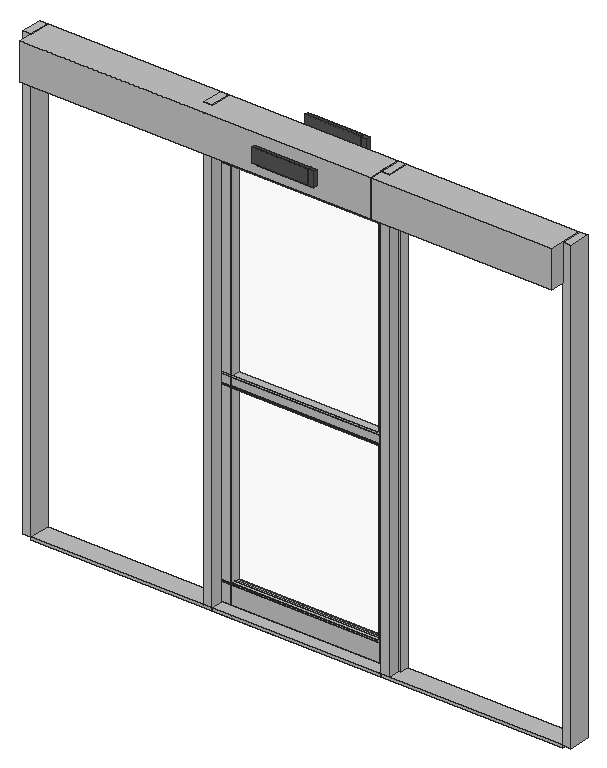
Revit family "Auto-Door_Sliding_Single_Wall_Tormax_TX9300FM", category Doors, host Wall, Revit 2026
Family settings
  Host = Wall
  Classification Number = 23.30.10.17.11
  Always vertical = Yes
  Cut with Voids When Loaded = No
  Shared = No
  Room Calculation Point = No
Parameters (values of type "HD Utility Package with Panel by Others OX")
  headerdepth = if(HD Drive, 0' 7 3/8", 0' 6")  # 0' - 7 3/8"
  Water Penetration = "as Specified"
  Warranty Duration (Years) = 0
  Wall Thickness for Sensor Placement [instance] = 0' - 6"
  VLT [instance] = 0
  URL = "http://www.tormaxusa.com"
  U-Factor [instance] = 0
  Thickness = Panel Thickness  # 0' - 1 3/4"
  Test Data = ""
  Structural Test Pressure = "N/A"
  Standards Conformance = "ANSI A156.10  ;  NFPA 101  ;  UL325  ;  C-UL"
  Specification = "http://www.arcat.com/sdspecs/htm/08463tor.htm"
  SpecWizard = ""
  Sensor Color [instance] = Metal - Tormax - Black
  Send Message = "http://www.arcat.com/users.pl?action=UserEmail&company=Tormax+Technologies,+Inc.&coid=43969&rep=108&fax=210-494-5930&mf="
  Sales Information = "http://www.tormaxusa.com/contact.php"
  SHGC [instance] = 0
  Rough Width [instance] = Opening Width  # 3' - 0"
  Rough Height [instance] = Opening Height  # 7' - 4 1/8"
  Product Page URL = ""
  Panel Width [instance] = Opening Width + 0' 2 5/8"  # 3' - 2 5/8"
  Operating Temperature Range = "Ambient -30F to 130F"
  Opening Width [instance] = 3' - 0"
  Opening Height [instance] = 7' - 4 1/8"
  OX = yes
  Product Properties = ""
  Product Data = "http://www.arcat.com/arcatcos/cos43/arc43969.html"
  Panel Thickness = 0' - 1 3/4"  # constant formula
  Model = "TX9300HDFM Utility as Specified"
  Miami Dade Conformance = "Does Not Apply"
  Max Width = 0' - 0"
  Max Height = 0' - 0"
  Manufacturer Website = "http://www.tormaxusa.com"
  Manufacturer Phone - Toll Free = "888-685-3707"
  Manufacturer Phone = "210-494-3551"
  Manufacturer Fax = "210-494-5930"
  Manufacturer Address = "12859 Wetmore Rd. San Antonio, TX 78247"
  Manufacturer = "TORMAX USA Inc."
  Maintenance Schedule (Months) = 0
  XO = not(OX)  # no
  Keynote = "08463"
  Installation-Fabrication = ""
  Installation Phase = ""
  Height [instance] = Opening Height + 0' 7 7/8"  # 8' - 0"
  HD Drive = yes
  Green Building-LEED = "http://www.arcat.com/green/clients/leed_data_43969.html"
  Glazing Tint [instance] = Glass - Tormax - Glazing as Specified
  Glazing Thickness_Sliding Panel [instance] = 0' - 0 1/2"
  Glazing Stop Width = 0' - 0 1/4"  # constant formula
  Function = Exterior
  Frame Thickness = 0' - 4 1/2"
  Frame Finish [instance] = Metal - Tormax - Aluminum Finished as Specified
  Fixed Panel Finish [instance] = Metal - Tormax - Aluminum Finished as Specified
  Fire Rating = "as Specified"
  Expected Lifespan (Years) = 0
  Egress Width [instance] = Clear Door Opening Width  # 2' - 8 3/8"
  Drawn By = "Sumex Design, Inc. / Robert S. Weygant, CSI, CDT, SCIP"
  Door Threshold [instance] = 9300SSSMFM : Recessed Threshold
  Door Stile_Operable Leaf_Wide [instance] = not(Door Stile_Operable Leaf_Narrow)  # no
  Door Stile_Operable Leaf_Narrow [instance] = yes
  Door Stile Width_Operable Leaf [instance] = if(Door Stile_Operable Leaf_Narrow, 0' 2 1/8", 0' 5 1/2")  # 0' - 2 1/8"
  Door Bottom Rail_Tall [instance] = not(Door Bottom Rail_Standard)  # no
  Door Bottom Rail_Standard [instance] = yes
  Door Bottom Rail Height [instance] = if(Door Bottom Rail_Standard, 0' 4", 0' 10")  # 0' - 4"
  Description = "Tormax HD Automatic Sliding Door Frame System - TX9300HDFM Utility as Specified with Panel by Others"
  Wall Closure = By host
  Width [instance] = Opening Width + Panel Width + 0' 3 1/2"  # 6' - 6 1/8"
  Define Thermal Properties by = Schematic Type
  Copyright = "©Arcat Inc."
  Construction Details = "http://www.arcat.com/details/tormax/tormax.html?coid=43969"
  Clear Door Opening Width [instance] = Opening Width - 0' 3 5/8"  # 2' - 8 3/8"
  Clear Door Opening Height [instance] = 6' - 11 5/8"
  CAD Details = ""
  Available Options = "As Noted"
  Assembly Code = "B2030110"
  Analytic Construction = "<None>"
  Air Infiltration = "N/A"
Types (4): name | headerdepth | OX | Model | XO | HD Drive | Description
  HD Utility Package with Panel by Others OX | 0' - 7 3/8" | yes | "TX9300HDFM Utility as Specified" | no | yes | "Tormax HD Automatic Sliding Door Frame System - TX9300HDFM Utility as Specified with Panel by Others"
  HD Utility Package with Panel by Others XO | 0' - 7 3/8" | no | "TX9300HDFM Utility as Specified" | yes | yes | "Tormax HD Automatic Sliding Door Frame System - TX9300HDFM Utility as Specified with Panel by Others"
  Utility Package with Panel by Others OX | 0' - 6" | yes | "TX9300FM Utility as Specified" | no | no | "Tormax Automatic Sliding Door Frame System - TX9300FM Utility as Specified with Panel by Others"
  Utility Package with Panel by Others XO | 0' - 6" | no | "TX9300FM Utility as Specified" | yes | no | "Tormax Automatic Sliding Door Frame System - TX9300FM Utility as Specified with Panel by Others"
Reference planes (in)
  plane 1 "Center (Front/Back)": y = 1.6426
  plane 2: z = 0
  plane 3 "Center (Left/Right)": x = -0.5
  plane 4 "Left": x = -18.5
  plane 5 "Right": x = 17.5
  plane 6 "Bottom": z = 0
  plane 7 "Top": z = 88.125
  plane 8: y = -1.3574
  plane 9: y = 4.6426
  plane 10 "Door Frame Exterior": y = -1.3574
  plane 11 "Door Frame Interior": y = -5.8574
  plane 12 "Door Frame CL": y = -3.6074
Lines and regions (in)
  Opening 1
    outline origin (-60, -1.3574, 0) x (1, 0, 0) y (0, 0, 1)
      loop
        line (41.5, 88.125) -> (41.5, 0) -> (77.5, 0) -> (77.5, 88.125) -> (41.5, 88.125)
Text (in)
  text "EXTERIOR" at (-58.6888, 13.80127, 0), in view "Plan View"
  text "INTERIOR" at (-58.6888, -8.43329, 0), in view "Plan View"
  text "Exterior" at (0, 43.65631, 123.19604), in view "Left"
  text "Exterior" at (0, 18.29385, 125.04747), in view "Right"
Dimensions and locks (in)
  equal spacing: plane 4 "Left", plane 3 "Center (Left/Right)", plane 5 "Right"
  "Frame Thickness": plane 11 "Door Frame Interior" to plane 10 "Door Frame Exterior"
  "Opening Width": plane 4 "Left" to plane 5 "Right"
  "Opening Height": plane 7 "Top" to level
  equal spacing: plane 11 "Door Frame Interior", plane 12 "Door Frame CL", plane 10 "Door Frame Exterior"
  locked: plane 8 to plane 10 "Door Frame Exterior" at 0
  aligned and locked: plane 7 "Top" to Opening 1 sketch curve
  aligned and locked: plane 5 "Right" to Opening 1 sketch curve
  aligned and locked: plane 4 "Left" to Opening 1 sketch curve
  aligned and locked: level to plane 2
  aligned and locked: Opening 1 sketch curve to plane 2
  aligned and locked: plane 6 "Bottom" to plane 2
  aligned and locked: plane 1 "Center (Front/Back)" to host wall
  aligned and locked: plane 8 to host wall
  aligned and locked: plane 9 to host wall
  aligned and locked: plane 4 "Left" to nested 2
  aligned and locked: plane 5 "Right" to nested 1
  aligned and locked: plane 6 "Bottom" to nested 2
  aligned and locked: nested 1 to plane 6 "Bottom"
Nested families (in)
  nested 1: "9300SSSMFM" at (-19.8125, -3.6074, 66) x (-1, 0, 0) z (0, 1, 0), transom glazing <- "Glazing Tint", sliding panel glazing <- "Glazing Tint", frame finish <- "Frame Finish", fixed panel glazing <- "Fixed Panel Finish", doodad finish <- "Sensor Color", stile width_operable <- "Door Stile Width_Operable Leaf", sliding glazing thickness <- "Glazing Thickness_Sliding Panel", header depth <- "headerdepth", glazing stop width <- "Glazing Stop Width", bottom rail height <- "Door Bottom Rail Height", Wall Thickness for Sensor Placement <- "Wall Thickness for Sensor Placement", Unit Width <- "Width", Unit Height <- "Height", type <- "Door Threshold", type "Recessed Threshold"
    with transom height 0' - 0", transom glazing Glass - Tormax - Glazing as Specified, transom glass thickness 0' - 0 1/2", stile width_operable 0' - 2 1/8", stile width_fixed 0' - 2 1/8", sliding panel glazing Glass - Tormax - Glazing as Specified, sliding glazing thickness 0' - 0 1/2", panelheightb 7' - 4 1/8", panelheighta 7' - 3 13/16", panel width 3' - 2 1/2", panel thickness 0' - 1 3/4", locatepanelfromright 0' - 0", locatepanelfromleft 0' - 0", include transom no, header depth 0' - 7 3/8", glazing stop width 0' - 0 1/4", frame finish Metal - Tormax - Aluminum Finished as Specified, fixed panel glazing Metal - Tormax - Aluminum Finished as Specified, fixed glazing thickness 0' - 1 3/4", doodad finish Metal - Tormax - Black, center rail width 0' - 1 3/4", breakout angle 45.00°, breakout no, bottom rail height 0' - 4", air space 0' - 0 5/16", accesscontrol no, Wall Thickness for Sensor Placement 0' - 6", Unit Width 6' - 6 1/8", Unit Height 8' - 0"
  nested 2: "9300SSSMFM" at (18.8125, -3.6074, 66) x (1, 0, 0) z (0, 1, 0), transom glazing <- "Glazing Tint", sliding panel glazing <- "Glazing Tint", frame finish <- "Frame Finish", fixed panel glazing <- "Fixed Panel Finish", doodad finish <- "Sensor Color", stile width_operable <- "Door Stile Width_Operable Leaf", sliding glazing thickness <- "Glazing Thickness_Sliding Panel", header depth <- "headerdepth", glazing stop width <- "Glazing Stop Width", bottom rail height <- "Door Bottom Rail Height", Wall Thickness for Sensor Placement <- "Wall Thickness for Sensor Placement", Unit Width <- "Width", Unit Height <- "Height", type <- "Door Threshold", type "Recessed Threshold"
    with transom height 0' - 0", transom glazing Glass - Tormax - Glazing as Specified, transom glass thickness 0' - 0 1/2", stile width_operable 0' - 2 1/8", stile width_fixed 0' - 2 1/8", sliding panel glazing Glass - Tormax - Glazing as Specified, sliding glazing thickness 0' - 0 1/2", panelheightb 7' - 4 1/8", panelheighta 7' - 3 13/16", panel width 3' - 2 1/2", panel thickness 0' - 1 3/4", locatepanelfromright 0' - 0", locatepanelfromleft 0' - 0", include transom no, header depth 0' - 7 3/8", glazing stop width 0' - 0 1/4", frame finish Metal - Tormax - Aluminum Finished as Specified, fixed panel glazing Metal - Tormax - Aluminum Finished as Specified, fixed glazing thickness 0' - 1 3/4", doodad finish Metal - Tormax - Black, center rail width 0' - 1 3/4", breakout angle 45.00°, breakout no, bottom rail height 0' - 4", air space 0' - 0 5/16", accesscontrol no, Wall Thickness for Sensor Placement 0' - 6", Unit Width 6' - 6 1/8", Unit Height 8' - 0"
Definition of nested family "9300SSSMFM"
  Parameters (values of type "No Threshold")
    transom height [instance] = 3' - 4 3/16"
    transom glazing [instance] = none
    transom glass thickness [instance] = 0' - 1"
    surface threshold = no
    stile width_operable [instance] = 0' - 2 1/8"
    panelheightb [instance] = Unit Height - transom height - 0' 7 7/8" - (air space - 0' 0 5/16")  # 6' - 11 15/16"
    panelheighta [instance] = Unit Height - transom height - 0' 7 7/8" - air space  # 6' - 11 5/8"
    stile width_fixed [instance] = 0' - 2 1/8"
    sliding panel glazing [instance] = none
    panel width [instance] = (Unit Width - (0' 1 3/4" * 2) + (stile width_fixed + glazing stop width)) / 2  # 3' - 5 7/16"
    panel thickness [instance] = 0' - 1 3/4"
    locatepanelfromright [instance] = 0' - 0"  # constant formula
    locatepanelfromleft [instance] = 0' - 0"  # constant formula
    include transom [instance] = yes
    sliding glazing thickness [instance] = 0' - 0 1/2"
    header depth [instance] = 0' - 8"
    glazing stop width [instance] = 0' - 0 1/4"
    frame finish [instance] = none
    fixed panel glazing [instance] = none
    fixed glazing thickness [instance] = 0' - 1 3/4"
    doodad finish [instance] = none
    center rail width [instance] = if(accesscontrol, 0' 4 1/2", 0' 1 3/4")  # 0' - 4 1/2"
    breakout angle [instance] = 45.00°
    breakout [instance] = yes
    bottom rail height [instance] = 0' - 4"
    air space [instance] = if(surface threshold, 0' 0 13/16", 0' 0 5/16")  # 0' - 0 5/16"
    accesscontrol [instance] = yes
    Warranty Duration (Years) = 0
    Wall Thickness for Sensor Placement [instance] = 0' - 4 5/8"
    Unit Width [instance] = 7' - 0"
    Unit Height [instance] = 11' - 0"
    Unit Depth = 2' - 8"
    URL = ""
    Threshold_recessed = no
    Threshold_double bevel = no
    Threshold_bevel interior = no
    Threshold_bevel exterior = no
    Specification = ""
    SpecWizard = ""
    Send Message = ""
    Sales Information = ""
    Revision = "R1_01-2014"
    Product Properties = ""
    Product Data = ""
    Model = "As Specified"
    Manufacturer Website = ""
    Manufacturer Phone - Toll Free = ""
    Manufacturer Phone = ""
    Manufacturer Fax = ""
    Manufacturer Address = ""
    Manufacturer = ""
    Maintenance Schedule (Months) = 0
    Keynote = ""
    Installation-Fabrication = ""
    Installation Phase = ""
    Green Building-LEED = ""
    Expected Lifespan (Years) = 0
    Drawn By = "Sumex Design, Inc. / Robert S. Weygant, CSI, CDT, SCIP"
    Description = ""
    Define Thermal Properties by = 1
    Default Elevation = 0' - 0"
    Copyright = "©Arcat Inc."
    Construction Details = ""
    Assembly Code = ""
    Analytic Construction = "<None>"
  Types (5): name | surface threshold | panelheightb | panelheighta | fixed glazing thickness | air space | Threshold_recessed | Threshold_double bevel | Threshold_bevel interior | Threshold_bevel exterior
    No Threshold | no | 6' - 11 15/16" | 6' - 11 5/8" | 0' - 1 3/4" | 0' - 0 5/16" | no | no | no | no
    Recessed Threshold | no | 6' - 11 15/16" | 6' - 11 5/8" | 0' - 0 1/4" | 0' - 0 5/16" | yes | no | no | no
    Bevel to Exterior Threshold | yes | 6' - 11 7/16" | 6' - 11 1/8" | 0' - 0 1/4" | 0' - 0 13/16" | no | no | no | yes
    Bevel to Interior Threshold | yes | 6' - 11 7/16" | 6' - 11 1/8" | 0' - 0 1/4" | 0' - 0 13/16" | no | no | yes | no
    Double Bevel Threshold | yes | 6' - 11 7/16" | 6' - 11 1/8" | 0' - 0 1/4" | 0' - 0 13/16" | no | yes | no | no
  Reference planes (in)
    plane 1 "Center (Front/Back)": y = 0
    plane 2 "Bottom": z = 0
    plane 3 "Center (Left/Right)": x = 0
    plane 4 "FF": y = -66
    plane 5 "Top": y = 66
    plane 6 "Left": x = -42
    plane 7 "Right": x = 42
    plane 8: y = 25.8125
    plane 9: z = 0.5
    plane 10: z = -0.5
    plane 11: x = -40.25
    plane 12: x = 40.25
    plane 13: y = -65.6875
    plane 14: y = 17.9375
    plane 15: y = -66
    plane 16: z = -2.25
    plane 17: z = 2.25
    plane 18: z = -2.25
    plane 19: z = 1.75
    plane 20: z = -5.75
    plane 21: x = -20.125
  Forms (in)
    Extrusion 1, solid, material <- "frame finish"
      sketch origin (0, 0, 0) x (1, 0, 0) y (0, 0, 1)
        loop
          line (-42, -2.25) -> (-40.25, -2.25) -> (-40.25, 2.25) -> (-42, 2.25) -> (-42, -2.25)
        loop
          line (40.25, -2.25) -> (42, -2.25) -> (42, 2.25) -> (40.25, 2.25) -> (40.25, -2.25)
      from -66 to 66
    Extrusion 2, solid, material <- "frame finish", visible <- "include transom"
      sketch origin (0, 0, 0) x (0, 1, 0) y (0, 0, 1)
        loop
          line (66, 2.25) -> (64.1875, 2.25) -> (64.1875, -2.25) -> (66, -2.25) -> (66, 2.25)
      from -40.25 to 40.25
    Extrusion 3, solid, material <- "frame finish"
      sketch origin (0, 0, 0) x (0, 1, 0) y (0, 0, 1)
        loop
          line (25.8125, -5.75) -> (25.8125, 2.25) -> (17.9375, 2.25) -> (17.9375, -5.75) -> (25.8125, -5.75)
      from -40.25 to 40.25
    Extrusion 4, solid, material <- "transom glazing", visible <- "include transom"
      sketch origin (0, 0, 0) x (0, 1, 0) y (0, 0, 1)
        loop
          line (25.8125, -0.5) -> (64.1875, -0.5) -> (64.1875, 0.5) -> (25.8125, 0.5) -> (25.8125, -0.5)
      from -40.25 to 40.25
    Sweep 5, solid, material <- "frame finish", visible <- "include transom"
      path origin (0, 0, 0) x (1, 0, 0) y (0, 1, 0)
        loop
          line (-40.25, 64.1875) -> (-40.25, 25.8125) -> (40.25, 25.8125) -> (40.25, 64.1875) -> (-40.25, 64.1875)
      profile origin (0, 64.1875, 0) x (0, 1, 0) y (0, 0, 1)
        loop
          line (0, 0.5) -> (0, 0.5625) -> (-0.75, 0.5625) -> (-0.75, 0.5) -> (0, 0.5)
        loop
          line (0, -0.5) -> (-0.75, -0.5) -> (-0.75, -0.75) -> (0, -0.75) -> (0, -0.5)
    Extrusion 6, solid, material <- "frame finish", visible <- "Threshold_recessed"
      sketch origin (0, 0, 0) x (0, 1, 0) y (0, 0, 1)
        loop
          line (-66, 2.25) -> (-66.5, 2.25) -> (-66.5, -2.25) -> (-66, -2.25) -> (-66, 2.25)
      from -40.25 to 40.25
    Extrusion 7, solid, material <- "frame finish", visible <- "Threshold_bevel exterior"
      sketch origin (0, 0, 0) x (0, 1, 0) y (0, 0, 1)
        loop
          line (-66, -2.25) -> (-65.5, -2.25) -> (-65.5, 2.25) -> (-66, 4.25) -> (-66, -2.25)
      from -40.25 to 40.25
    Extrusion 8, solid, material <- "frame finish", visible <- "Threshold_bevel interior"
      sketch origin (0, 0, 0) x (0, 1, 0) y (0, 0, 1)
        loop
          line (-65.5, -2.25) -> (-65.5, 2.25) -> (-66, 2.25) -> (-66, -4.25) -> (-65.5, -2.25)
      from -40.25 to 40.25
    Extrusion 9, solid, material <- "frame finish", visible <- "Threshold_double bevel"
      sketch origin (0, 0, 0) x (0, 1, 0) y (0, 0, 1)
        loop
          line (-66, 4.25) -> (-66, -4.25) -> (-65.5, -2.25) -> (-65.5, 2.25) -> (-66, 4.25)
      from -40.25 to 40.25
    Extrusion 10, solid, material <- "doodad finish"
      sketch origin (-20.125, 32.8125, 48) x (0, 1, 0) y (0, 0, 1)
        loop
          line (-9.375, -41.125) -> (-9.375, -40.375) -> (-12.5, -40.375) -> (-12.5, -41.125) -> (-9.375, -41.125)
        loop
          line (-9.375, -54.5) -> (-9.375, -53.75) -> (-12.5, -53.75) -> (-12.5, -54.5) -> (-9.375, -54.5)
      from -6 to 6
  Dimensions and locks (in)
    equal spacing: plane 6 "Left", plane 3 "Center (Left/Right)", plane 7 "Right"
    "Unit Width": plane 6 "Left" to plane 7 "Right"
    equal spacing: plane 5 "Top", plane 1 "Center (Front/Back)", plane 4 "FF"
    "Unit Height": plane 5 "Top" to plane 4 "FF"
    "transom height": plane 5 "Top" to plane 8
    locked: Extrusion 2 sketch curve to plane 5 "Top" at 1.8125
    equal spacing: plane 10, level, plane 9
    "transom glass thickness": plane 10 to plane 9
    locked: Extrusion 4 sketch curve to plane 5 "Top" at 1.8125
    locked: plane 6 "Left" to Sweep 5 sketch curve at 1.75
    locked: Sweep 5 sketch curve to plane 7 "Right" at 1.75
    locked: plane 5 "Top" to Sweep 5 sketch curve at 1.8125
    locked: plane 9 to Sweep 5 sketch curve at 0.0625
    Sweep 5 sketch curve to Sweep 5 sketch curve to plane 5 "Top" = 0' - 0 3/4" locked, 0' - 1 13/16" locked  (x2)
    locked: Sweep 5 sketch curve to plane 10 at 0.25
    locked: plane 12 to plane 7 "Right" at 1.75
    locked: plane 6 "Left" to plane 11 at 1.75
    "air space": plane 13 to plane 4 "FF"
    Extrusion 1 sketch curve to level to Extrusion 1 sketch curve = 0' - 2 1/4" locked, 0' - 2 1/4" locked  (x2)
    Extrusion 6 sketch curve to level to Extrusion 6 sketch curve = 0' - 2 1/4" locked, 0' - 2 1/4" locked
    locked: Extrusion 6 sketch curve to plane 4 "FF" at 0.5
    Extrusion 7 sketch curve to level to Extrusion 7 sketch curve to Extrusion 7 sketch curve = 0' - 2 1/4" locked, 0' - 2 1/4" locked, 0' - 2" locked
    Extrusion 8 sketch curve to Extrusion 8 sketch curve to level to Extrusion 8 sketch curve = 0' - 2" locked, 0' - 2 1/4" locked, 0' - 2 1/4" locked
    Extrusion 9 sketch curve to Extrusion 9 sketch curve to level to Extrusion 9 sketch curve to Extrusion 9 sketch curve = 0' - 2" locked, 0' - 2 1/4" locked, 0' - 2 1/4" locked, 0' - 2" locked
    locked: plane 4 "FF" to Extrusion 9 sketch curve at 0.5
    locked: plane 4 "FF" to Extrusion 7 sketch curve at 0.5
    locked: plane 4 "FF" to Extrusion 8 sketch curve at 0.5
    locked: plane 14 to Extrusion 10 sketch curve at 2.375  (x2)
    locked: Extrusion 10 sketch curve to plane 8 at 2.375  (x2)
    locked: plane 13 to plane 15 at 0.3125
    locked: level to plane 16 at 2.25
    equal spacing: plane 17, level, plane 18
    locked: plane 17 to plane 18 at 4.5
    locked: plane 17 to plane 19 at 0.5
    "header depth": plane 20 to plane 17
    locked: plane 20 to Extrusion 10 sketch curve at 0.75
    "Wall Thickness for Sensor Placement": plane 17 to Extrusion 10 sketch curve
    locked: Extrusion 10 sketch curve to Extrusion 10 sketch curve at 0.75
    equal spacing: plane 11, plane 21, plane 3 "Center (Left/Right)"
    locked: plane 8 to plane 14 at 7.875
    aligned and locked: Extrusion 1 to plane 5 "Top"
    aligned and locked: Extrusion 1 to plane 4 "FF"
    aligned and locked: plane 5 "Top" to Extrusion 2 sketch curve
    aligned and locked: plane 8 to Extrusion 3 sketch curve
    aligned and locked: plane 8 to Extrusion 4 sketch curve
    aligned and locked: plane 8 to Sweep 5 sketch curve
    aligned and locked: plane 9 to Sweep 5 sketch curve
    aligned and locked: plane 10 to Sweep 5 sketch curve
    aligned and locked: plane 11 to Extrusion 1 sketch curve
    aligned and locked: plane 12 to Extrusion 1 sketch curve
    aligned and locked: Extrusion 1 sketch curve to plane 7 "Right"
    aligned and locked: plane 6 "Left" to Extrusion 1 sketch curve
    aligned and locked: Extrusion 2 to plane 11
    aligned and locked: Extrusion 4 to plane 11
    aligned and locked: plane 12 to Extrusion 4
    aligned and locked: plane 12 to Extrusion 2
    aligned and locked: plane 12 to Extrusion 3
    aligned and locked: Extrusion 3 to plane 11
    aligned and locked: plane 4 "FF" to Extrusion 6 sketch curve
    aligned and locked: Extrusion 9 sketch curve to plane 4 "FF"
    aligned and locked: plane 4 "FF" to Extrusion 7 sketch curve
    aligned and locked: plane 4 "FF" to Extrusion 8 sketch curve
    aligned and locked: nested 1 to plane 11
    aligned and locked: plane 13 to nested 1
    aligned and locked: plane 11 to Extrusion 9
    aligned and locked: plane 11 to Extrusion 8
    aligned and locked: plane 12 to Extrusion 9
    aligned and locked: plane 12 to Extrusion 6
    aligned and locked: plane 11 to Extrusion 6
    aligned and locked: plane 12 to Extrusion 8
    aligned and locked: plane 12 to Extrusion 7
    aligned and locked: plane 11 to Extrusion 7
    aligned and locked: plane 19 to nested 1
    aligned and locked: Extrusion 3 sketch curve to plane 20
    aligned and locked: Extrusion 3 sketch curve to plane 17
    aligned and locked: Extrusion 10 sketch curve to plane 20
    aligned and locked: plane 14 to Extrusion 3 sketch curve
  Automatic sketch dimensions
    Extrusion 2 sketch curve to level = 0' - 2 1/4"
    level to Extrusion 2 sketch curve = 0' - 2 1/4"
    plane 10 to Extrusion 4 sketch curve = 0' - 0"
    plane 9 to Extrusion 4 sketch curve = 0' - 0"
  Nested families (in)
    nested 1: "FramedPanel" at (-19.53125, -23.875, 0.875), stilewidth <- "stile width_operable", Width <- "panel width", breakout angle <- "breakout angle", frame finish <- "frame finish", fixed panel glazing <- "sliding panel glazing", glazing thickness <- "sliding glazing thickness", glassstopwidth <- "glazing stop width", bottomrailheight <- "bottom rail height", Height <- "panelheighta", doodad <- "doodad finish", centerrail <- "center rail width", type "FramedPanel"
      with stormimpact no, stilewidth 0' - 2 1/8", rightchannel no, partialbreakout no, nonimpact yes, leftchannel no, glazing thickness 0' - 0 1/2", glassstopwidth 0' - 0 1/4", frame finish none, fixed panel glazing none, doodad none, directionalarrowinterior yes, directionalarrowexterior no, centerrail 0' - 4 1/2", breakoutswing no, breakout angle 45.00°, bottomrailheightactual 0' - 4", bottomrailheight 0' - 4", airspaceunderdoor 0' - 0", built-in parameter 1001301 3' - 5 7/16", built-in parameter 1001300 6' - 11 5/8"
  Definition of nested family "FramedPanel"
    Parameters (values of type "FramedPanel")
      stormimpact [instance] = yes
      stilewidth [instance] = 0' - 2 3/16"
      rightchannel [instance] = yes
      partialbreakout [instance] = yes
      nonimpact [instance] = no
      leftchannel [instance] = yes
      glazing thickness [instance] = 0' - 0 3/4"
      glassstopwidth [instance] = 0' - 0 1/4"
      frame finish [instance] = none
      fixed panel glazing [instance] = none
      doodad [instance] = none
      directionalarrowinterior [instance] = yes
      directionalarrowexterior [instance] = yes
      centerrail [instance] = 0' - 4 1/2"
      breakoutswing [instance] = yes
      breakout angle [instance] = 45.00°
      bottomrailheightactual [instance] = bottomrailheight + airspaceunderdoor  # 0' - 6"
      bottomrailheight [instance] = 0' - 6"
      airspaceunderdoor [instance] = 0' - 0"
      Width [instance] = 2' - 8"
      Warranty Duration (Years) = 0
      URL = ""
      Specification = ""
      SpecWizard = ""
      Send Message = ""
      Sales Information = ""
      Revision = "R1_01-2014"
      Product Properties = ""
      Product Data = ""
      Model = "As Specified"
      Manufacturer Website = ""
      Manufacturer Phone - Toll Free = ""
      Manufacturer Phone = ""
      Manufacturer Fax = ""
      Manufacturer Address = ""
      Manufacturer = ""
      Maintenance Schedule (Months) = 0
      Keynote = ""
      Installation-Fabrication = ""
      Installation Phase = ""
      Height [instance] = 6' - 0"
      Green Building-LEED = ""
      Expected Lifespan (Years) = 0
      Drawn By = "Sumex Design, Inc. / Robert S. Weygant, CSI, CDT, SCIP"
      Description = ""
      Define Thermal Properties by = 1
      Default Elevation = 0' - 0"
      Copyright = "©Arcat Inc."
      Construction Details = ""
      Assembly Code = ""
      Analytic Construction = "<None>"
    Reference planes (in)
      plane 1 "Center (Front/Back)": y = 0
      plane 2 "Bottom": z = 0
      plane 3 "Center (Left/Right)": x = 0
      plane 4 "Front": y = -36
      plane 5 "Back": y = 36
      plane 6 "Left": x = -16
      plane 7 "Right": x = 16
      plane 8 "Side1": z = 0.875
      plane 9: z = -0.875
      plane 10: z = 0.375
      plane 11: z = -0.375
      plane 12: y = -30
      plane 13: y = -29.75
      plane 14: x = -13.8125
      plane 15: y = 32.5
      plane 16: y = 6.75
      plane 17: y = 9
      plane 18: y = 4.5
      plane 19: y = 9.25
      plane 20: y = 4.25
      plane 21: x = -13.5625
      plane 22: x = 13.8125
      plane 23: y = 32.25
      plane 24: y = -36
      plane 25: y = 0
      plane 26: x = 13.5625
    Forms (in)
      Extrusion 1, solid, material <- "frame finish"
        sketch origin (-14.75, 57.80249, -0.875) x (1, 0, 0) y (0, 1, 0)
          loop
            line (30.75, -21.80249) -> (28.5625, -21.80249) -> (28.5625, -93.80249) -> (30.75, -93.80249) -> (30.75, -21.80249)
          loop
            line (-1.25, -21.80249) -> (-1.25, -93.80249) -> (0.9375, -93.80249) -> (0.9375, -21.80249) -> (-1.25, -21.80249)
        from 0 to 1.75
      Extrusion 2, solid, material <- "frame finish"
        sketch origin (-14.75, 57.80249, -0.875) x (1, 0, 0) y (0, 1, 0)
          loop
            line (0.9375, -21.80249) -> (0.9375, -25.30249) -> (28.5625, -25.30249) -> (28.5625, -21.80249) -> (0.9375, -21.80249)
        from 0 to 1.75
      Extrusion 3, solid, material <- "frame finish", visible <- "nonimpact"
        sketch origin (-14.75, 57.80249, -0.875) x (1, 0, 0) y (0, 1, 0)
          loop
            line (0.9375, -48.80249) -> (0.9375, -53.30249) -> (28.5625, -53.30249) -> (28.5625, -48.80249) -> (0.9375, -48.80249)
        from 0 to 1.75
      Extrusion 4, solid, material <- "frame finish"
        sketch origin (-14.75, 57.80249, -0.875) x (1, 0, 0) y (0, 1, 0)
          loop
            line (28.5625, -87.80249) -> (0.9375, -87.80249) -> (0.9375, -93.80249) -> (28.5625, -93.80249) -> (28.5625, -87.80249)
        from 0 to 1.75
      Extrusion 5, solid, material <- "frame finish", visible <- "nonimpact"
        sketch origin (-14.75, 57.80249, -0.875) x (1, 0, 0) y (0, 1, 0)
          loop
            line (0.9375, -25.30249) -> (0.9375, -48.80249) -> (28.5625, -48.80249) -> (28.5625, -25.30249) -> (0.9375, -25.30249)
          loop
            line (1.1875, -48.55249) -> (28.3125, -48.55249) -> (28.3125, -25.55249) -> (1.1875, -25.55249) -> (1.1875, -48.55249)
        from 0 to 1.75
      Extrusion 6, solid, material <- "frame finish", visible <- "nonimpact"
        sketch origin (-14.75, 57.80249, -0.875) x (1, 0, 0) y (0, 1, 0)
          loop
            line (0.9375, -53.30249) -> (0.9375, -87.80249) -> (28.5625, -87.80249) -> (28.5625, -53.30249) -> (28.3125, -53.30249) -> (28.3125, -87.55249) -> (1.1875, -87.55249) -> (1.1875, -53.30249) -> (0.9375, -53.30249)
        from 0 to 1.75
      Extrusion 7, solid, material <- "frame finish", visible <- "nonimpact"
        sketch origin (-14.75, 57.80249, -0.875) x (1, 0, 0) y (0, 1, 0)
          loop
            line (1.1875, -53.30249) -> (1.1875, -53.55249) -> (28.3125, -53.55249) -> (28.3125, -53.30249) -> (1.1875, -53.30249)
        from 0 to 1.75
      Extrusion 8, solid, material <- "frame finish", visible <- "stormimpact"
        sketch origin (-14.75, 57.80249, -0.875) x (1, 0, 0) y (0, 1, 0)
          loop
            line (0.9375, -25.30249) -> (0.9375, -87.80249) -> (28.5625, -87.80249) -> (28.5625, -25.30249) -> (28.3125, -25.30249) -> (28.3125, -87.55249) -> (1.1875, -87.55249) -> (1.1875, -25.30249) -> (0.9375, -25.30249)
        from 0 to 1.75
      Extrusion 9, solid, material <- "frame finish", visible <- "stormimpact"
        sketch origin (-14.75, 57.80249, -0.875) x (1, 0, 0) y (0, 1, 0)
          loop
            line (1.1875, -25.30249) -> (1.1875, -25.55249) -> (28.3125, -25.55249) -> (28.3125, -25.30249) -> (1.1875, -25.30249)
        from 0 to 1.75
      Extrusion 10, solid, material <- "fixed panel glazing"
        sketch origin (-14.75, 57.80249, -0.875) x (1, 0, 0) y (0, 1, 0)
          loop
            line (1.1875, -25.55249) -> (1.1875, -87.55249) -> (28.3125, -87.55249) -> (28.3125, -25.55249) -> (1.1875, -25.55249)
        from 0.5 to 1.25
      Extrusion 11, solid, material <- "doodad", visible <- "rightchannel"
        sketch origin (0, 0, 0) x (1, 0, 0) y (0, 0, 1)
          loop
            line (14.65625, -0.875) -> (14.65625, -1.875) -> (15.15625, -1.875) -> (15.15625, -0.875) -> (14.65625, -0.875)
        from -36 to 36
      Extrusion 12, solid, material <- "doodad", visible <- "leftchannel"
        sketch origin (-29.8125, 0, 0) x (1, 0, 0) y (0, 0, 1)
          loop
            line (14.65625, -0.875) -> (14.65625, -1.875) -> (15.15625, -1.875) -> (15.15625, -0.875) -> (14.65625, -0.875)
        from -36 to 36
    Lines and regions (in)
      Masking region 1, visible <- "directionalarrowexterior"
        outline origin (0, 0, 0) x (1, 0, 0) y (0, 0, 1)
          loop
            line (-2.23256, 3.10174) -> (2.23256, 3.10174) -> (2.23256, 2.125) -> (3.76744, 3.65988) -> (2.23256, 5.19477) -> (2.23256, 4.21802) -> (-2.23256, 4.21802) -> (-2.23256, 3.10174)
      Masking region 2, visible <- "directionalarrowinterior"
        outline origin (0, 0, -9.75) x (1, 0, 0) y (0, 0, 1)
          loop
            line (-2.23256, 5.53198) -> (2.23256, 5.53198) -> (2.23256, 4.55523) -> (3.76744, 6.09012) -> (2.23256, 7.625) -> (2.23256, 6.64826) -> (-2.23256, 6.64826) -> (-2.23256, 5.53198)
      reference lines
        curve 1: line (-13.5625, -8.19751, -0.5) -> (-13.5625, -8.19751, 19)
        curve 6: line (16, 0, 0.875) -> (7.51472, 0, 9.36028)
      symbolic lines, visible <- "breakoutswing"
        curve 2: line (-16, 36, 0) -> (16, 0, 0)
        curve 3: line (16, 0, 0) -> (-16, -36, 0)
      model lines, visible <- "breakoutswing"
        curve 4: arc (-16, -36, 0.875) -> (-13.56415, -36, 13.12087) -> (-6.62742, -36, 23.50242) r 32
      model lines, visible <- "partialbreakout"
        curve 5: line (16, -36, 0.875) -> (-6.62742, -36, 23.50242)
      symbolic lines, visible <- "partialbreakout"
        curve 7: line (-6.62742, 0, 23.50242) -> (-7.86485, 0, 22.26498)
        curve 8: line (-7.86485, 0, 22.26498) -> (14.76256, 0, -0.36244)
        curve 9: line (16, 0, 0.875) -> (14.76256, 0, -0.36244)
    Dimensions and locks (in)
      equal spacing: plane 6 "Left", plane 3 "Center (Left/Right)", plane 7 "Right"
      "Width": plane 6 "Left" to plane 7 "Right"
      equal spacing: plane 5 "Back", plane 1 "Center (Front/Back)", plane 4 "Front"
      "Height": plane 5 "Back" to plane 4 "Front"
      locked: plane 8 "Side1" to level at 0.875
      locked: level to plane 9 at 0.875
      equal spacing: plane 10, level, plane 11
      "glazing thickness": plane 10 to plane 11
      "bottomrailheight": plane 12 to plane 24
      "glassstopwidth": plane 13 to plane 12
      "stilewidth": plane 6 "Left" to plane 14
      locked: plane 5 "Back" to plane 15 at 3.5
      locked: plane 16 to plane 24 at 42.75
      equal spacing: plane 17, plane 16, plane 18
      "glassstopwidth": plane 19 to plane 17
      "glassstopwidth": plane 18 to plane 20
      "glassstopwidth": plane 14 to plane 21
      "stilewidth": plane 22 to plane 7 "Right"
      "glassstopwidth": plane 15 to plane 23
      "airspaceunderdoor": plane 24 to plane 4 "Front"
      equal spacing: plane 5 "Back", plane 25, plane 24
      "glassstopwidth": plane 26 to plane 22
      "Width": curve 7 to curve 9
      "bottomrailheightactual": plane 12 to Extrusion 4 sketch curve
      "bottomrailheightactual": plane 12 to Extrusion 1 sketch curve  (x2)
      plane 22 to Extrusion 11 sketch curve to Extrusion 11 sketch curve = 0' - 0 27/32" locked, 0' - 0 1/2" locked
      locked: Extrusion 12 sketch curve to Extrusion 12 sketch curve at 0.5
      locked: plane 14 to Extrusion 12 sketch curve at 0.84375
      "centerrail": plane 17 to plane 18
      Masking region 1 sketch curve to Masking region 1 sketch curve to Masking region 1 sketch curve to plane 3 "Center (Left/Right)" to Masking region 1 sketch curve = 0' - 1.53488" locked, 0' - 0" locked, 0' - 2.23256" locked, 0' - 2.23256" locked
      Masking region 2 sketch curve to Masking region 2 sketch curve to Masking region 2 sketch curve to plane 3 "Center (Left/Right)" to Masking region 2 sketch curve = 0' - 1.53488" locked, 0' - 0" locked, 0' - 2.23256" locked, 0' - 2.23256" locked
      "Width": radius of curve 4
      "breakout angle": angle curve 5 to plane 8 "Side1"
      "breakout angle": angle curve 6 to plane 8 "Side1"
      aligned: Extrusion 4 to plane 4 "Front"
      aligned and locked: plane 12 to Extrusion 4
      aligned and locked: Extrusion 8 to plane 12
      aligned and locked: plane 13 to Extrusion 8
      aligned and locked: Extrusion 6 to plane 12
      aligned and locked: plane 13 to Extrusion 6
      aligned and locked: Extrusion 10 to plane 13
      aligned and locked: plane 6 "Left" to Extrusion 1 sketch curve
      aligned and locked: Extrusion 1 sketch curve to plane 14
      aligned and locked: plane 7 "Right" to Extrusion 1 sketch curve
      aligned and locked: Extrusion 8 sketch curve to plane 21
      aligned and locked: Extrusion 8 sketch curve to plane 14
      aligned and locked: plane 22 to Extrusion 8 sketch curve
      aligned and locked: plane 15 to Extrusion 8 sketch curve  (x2)
      aligned and locked: plane 21 to Extrusion 7 sketch curve
      aligned and locked: Extrusion 7 sketch curve to plane 20
      aligned and locked: plane 18 to Extrusion 7 sketch curve
      aligned and locked: plane 18 to Extrusion 6 sketch curve  (x2)
      aligned and locked: Extrusion 6 sketch curve to plane 14
      aligned and locked: Extrusion 6 sketch curve to plane 21
      aligned and locked: plane 22 to Extrusion 6 sketch curve
      aligned and locked: Extrusion 6 sketch curve to plane 12
      aligned and locked: plane 13 to Extrusion 6 sketch curve
      aligned and locked: plane 18 to Extrusion 3 sketch curve
      aligned and locked: Extrusion 3 sketch curve to plane 17
      aligned and locked: plane 14 to Extrusion 3 sketch curve
      aligned and locked: plane 17 to Extrusion 5 sketch curve
      aligned and locked: Extrusion 5 sketch curve to plane 19
      aligned and locked: plane 14 to Extrusion 5 sketch curve
      aligned and locked: plane 21 to Extrusion 5 sketch curve
      aligned and locked: Extrusion 5 sketch curve to plane 15
      aligned and locked: plane 23 to Extrusion 5 sketch curve
      aligned and locked: Extrusion 2 sketch curve to plane 15
      aligned and locked: Extrusion 2 sketch curve to plane 14
      aligned and locked: plane 5 "Back" to Extrusion 2 sketch curve
      aligned and locked: Extrusion 9 sketch curve to plane 23
      aligned and locked: plane 15 to Extrusion 9 sketch curve
      aligned and locked: plane 21 to Extrusion 9 sketch curve
      aligned and locked: Extrusion 1 sketch curve to plane 5 "Back"  (x2)
      aligned: plane 7 "Right" to Extrusion 4
      aligned and locked: Extrusion 10 sketch curve to plane 21
      aligned and locked: Extrusion 10 sketch curve to plane 23
      aligned and locked: plane 13 to Extrusion 10 sketch curve
      aligned and locked: Extrusion 4 sketch curve to plane 14
      aligned and locked: plane 12 to Extrusion 4 sketch curve
      aligned and locked: plane 24 to curve 3
      aligned and locked: plane 6 "Left" to curve 3
      aligned and locked: plane 5 "Back" to curve 2
      aligned and locked: plane 6 "Left" to curve 2
      aligned and locked: plane 10 to Extrusion 10
      aligned and locked: Extrusion 10 to plane 11
      aligned and locked: plane 8 "Side1" to Extrusion 1
      aligned and locked: Extrusion 1 to plane 9
      aligned and locked: plane 8 "Side1" to Extrusion 4
      aligned and locked: Extrusion 4 to plane 9
      aligned and locked: plane 8 "Side1" to curve 5
      aligned and locked: plane 8 "Side1" to curve 4
      aligned and locked: plane 26 to Extrusion 9 sketch curve
      aligned and locked: plane 26 to Extrusion 5 sketch curve
      aligned and locked: plane 22 to Extrusion 5 sketch curve
      aligned and locked: Extrusion 10 sketch curve to plane 26
      aligned and locked: Extrusion 2 sketch curve to plane 22
      aligned and locked: plane 26 to Extrusion 8 sketch curve
      aligned and locked: plane 7 "Right" to curve 4
      aligned and locked: plane 7 "Right" to curve 5
      aligned and locked: plane 22 to Extrusion 3 sketch curve
      aligned and locked: plane 26 to Extrusion 6 sketch curve
      aligned and locked: plane 26 to Extrusion 7 sketch curve
      aligned and locked: plane 22 to Extrusion 1 sketch curve
      aligned and locked: Extrusion 4 sketch curve to plane 22
      aligned and locked: plane 25 to curve 2
      aligned and locked: plane 7 "Right" to curve 3
      aligned and locked: plane 7 "Right" to curve 6
      aligned and locked: plane 8 "Side1" to curve 6
      aligned and locked: Extrusion 11 to plane 4 "Front"
      aligned and locked: plane 5 "Back" to Extrusion 11
      aligned and locked: Extrusion 12 to plane 4 "Front"
      aligned and locked: plane 5 "Back" to Extrusion 12
    Automatic sketch dimensions
      Extrusion 8 sketch curve to plane 12 = 0' - 0"
      Extrusion 8 sketch curve to plane 13 = 0' - 0"
      plane 21 to curve 1 = 0' - 0"
      curve 1 to plane 11 = 0' - 0 1/8"
      plane 8 "Side1" to curve 1 = 1' - 6 1/8"
      Extrusion 11 sketch curve to plane 9 = 0' - 0"
      Extrusion 11 sketch curve to plane 9 = 0' - 1"
      Extrusion 12 sketch curve to plane 9 = 0' - 0"
      Extrusion 12 sketch curve to plane 9 = 0' - 1"
      plane 8 "Side1" to Masking region 1 sketch curve = 0' - 1 1/4"
      plane 8 "Side1" to Masking region 1 sketch curve = 0' - 2.22674"
      Masking region 1 sketch curve to Masking region 1 sketch curve = 0' - 0.55814"
      Masking region 1 sketch curve to Masking region 1 sketch curve = 0' - 0.97674"
      Masking region 2 sketch curve to plane 9 = 0' - 4.31977"
      Masking region 2 sketch curve to plane 9 = 0' - 3.34302"
      Masking region 2 sketch curve to Masking region 2 sketch curve = 0' - 0.55814"
      Masking region 2 sketch curve to Masking region 2 sketch curve = 0' - 0.97674"
      curve 9 to curve 6 = 0' - 0"  (x2)
      curve 7 to curve 6 = 0' - 0"
      curve 6 to curve 8 = 0' - 1 3/4"
